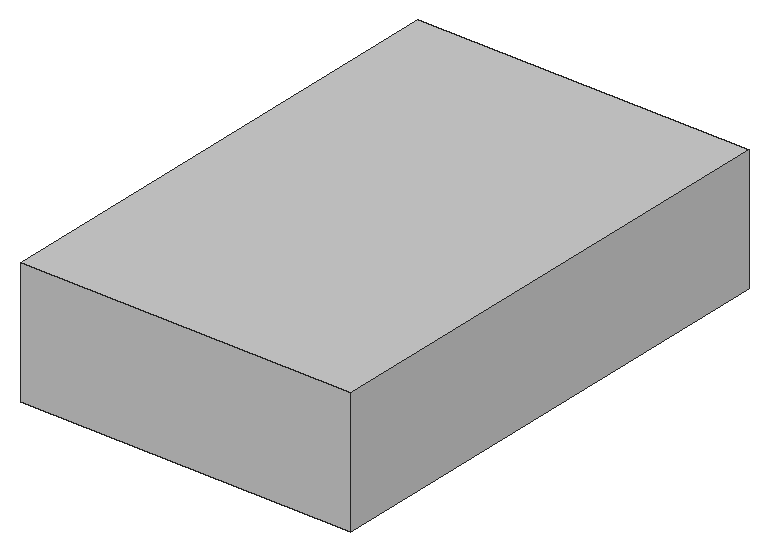
Revit family "Footing-Rectangular", category Structural Foundations, Revit 2018
Family settings
  Material for Model Behavior = Other
  Cap = No
  OmniClass Number = 23.25.05.17
  OmniClass Title = Shallow Foundations
  Work Plane-Based = No
  Always vertical = Yes
  Cut with Voids When Loaded = No
  Shared = No
Parameters (values of type "72" x 48" x 18"")
  Width = 4' - 0"
  Structural Material [instance] = Concrete, Cast-in-Place gray
  Length = 6' - 0"
  Foundation Thickness = 1' - 6"
  Assembly Code = "A1010100"
Types (3): name | Width | Length
  (no name) | 4' - 0" | 6' - 0"
  72" x 48" x 18" | 4' - 0" | 6' - 0"
  96" x 72" x 18" | 6' - 0" | 8' - 0"
Reference planes (in)
  plane 1 "Center (Front/Back)": y = 0
  plane 2: z = 0
  plane 3 "Center (Left/Right)": x = 0
  plane 4: x = -24
  plane 5: x = 24
  plane 6: y = 36
  plane 7: y = -36
Forms (in)
  Extrusion 1, solid, material "Concrete, Cast-in-Place gray" <- "Structural Material"
    sketch origin (0, 0, 0) x (1, 0, 0) y (0, 1, 0)
      loop
        line (-24, 36) -> (-24, -36) -> (24, -36) -> (24, 36) -> (-24, 36)
    from -18 to 0
Dimensions and locks (in)
  "Foundation Thickness": plane 2 to Extrusion 1
  "Width": plane 4 to plane 5
  "Length": plane 6 to plane 7
  equal spacing: plane 6, plane 1 "Center (Front/Back)", plane 7
  equal spacing: plane 4, plane 3 "Center (Left/Right)", plane 5
  aligned and locked: plane 4 to Extrusion 1 sketch curve
  aligned and locked: Extrusion 1 sketch curve to plane 5
  aligned and locked: Extrusion 1 sketch curve to plane 6
  aligned and locked: plane 7 to Extrusion 1 sketch curve
  aligned and locked: level to Extrusion 1
